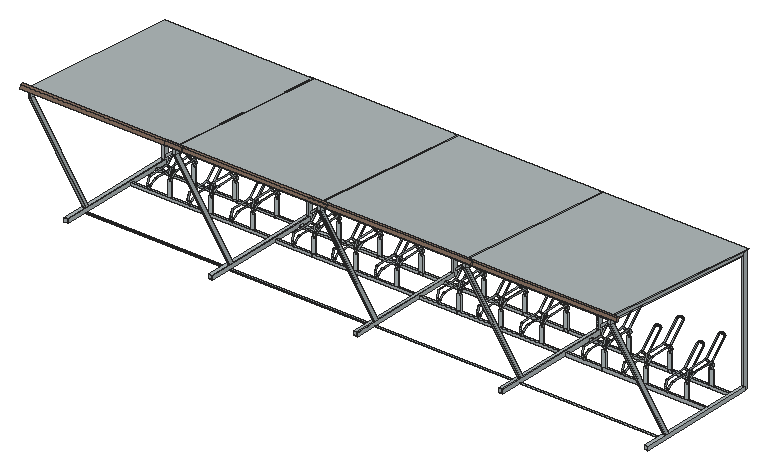
Revit family "Borås 24 Places", category Furniture, Revit 2020
Family settings
  OmniClass Number = 23.21.23.13.15
  Work Plane-Based = No
  Always vertical = Yes
  Cut with Voids When Loaded = No
  Shared = No
  Room Calculation Point = No
Parameters (values of type "8012491 Borås 24 Places / Galvanized")
  Uniclass 1.4 Description = "Furniture"
  Uniclass 1.4 Code = "L8211"
  URL = "https://www.hags.com/"
  QR code = ""
  Product url = "https://www.hags.com/en-us/park-urban/bicycle-storage/boraas-cycle-shelter/not-applicable-cast-in-place-24-places-aug-2010-galvanised"
  Product name = "Borås 24 Places / Galvanized"
  Product data url = ""
  Product SKU = ""
  Product Guid = "90e49432-c870-4a59-897e-b15016e8f9bd"
  OmniClass Description = ""
  OmniClass Code = "23-21 23 13 15"
  Model = "8012491"
  Manufacturer name = "HAGS"
  Manufacturer = "Hags"
  IFC Classification = "Furniture"
  Edition number = 1
  Description = "Borås 24 Places Galvanized "  # constant formula
  Default Elevation = 0 mm
  Construction material = Hags - Steel - Galvanized
  Body material_90 = Hags - Steel - Galvanized
  Body material = Hags - Steel - Galvanized
  BIMobject category = "bicycle-storage"
Reference planes
  plane 1 "Center (Front/Back)": y = 0
  plane 2: z = 0
  plane 3 "Center (Left/Right)": x = 0
Forms (mm)
  Extrusion 1, solid, material "Hags - Steel - Galvanized" <- "Construction material"
    sketch origin (-984.74, 2579.408, 0) x (0, 1, 0) y (0, 0, 1)
      loop
        line (-184.965, 0) -> (-184.965, 1710) -> (-234.965, 1710) -> (-234.965, 0) -> (-184.965, 0)
    from 0 to 32
  Extrusion 2, solid, material "Hags - Steel - Galvanized" <- "Construction material"
    sketch origin (-984.74, 2579.408, 0) x (0, 1, 0) y (0, 0, 1)
      loop
        line (-234.965, 1660) -> (-234.965, 1710) -> (-2462.806, 1904.911) -> (-2462.806, 1854.911) -> (-234.965, 1660)
    from 0 to 32
  Extrusion 3, solid, material "Hags - Steel - Galvanized" <- "Construction material"
    sketch origin (-985.052, 2579.408, 0) x (0, 1, 0) y (0, 0, 1)
      loop
        line (-2462.806, 1904.911) -> (-2512.806, 1904.911) -> (-2512.806, 1804.027) -> (-2462.806, 1804.027) -> (-2462.806, 1904.911)
    from 0 to 35
  Extrusion 4, solid, material "Hags - Steel - Galvanized" <- "Construction material"
    sketch origin (-985.052, 2579.408, 0) x (0, 1, 0) y (0, 0, 1)
      loop
        line (-2462.806, 1804.027) -> (-2512.806, 1804.027) -> (-1580.173, 50) -> (-1530.173, 50) -> (-1534.159, 57.495) -> (-2462.806, 1804.027)
    from 0 to 32
  Extrusion 5, solid, material "Hags - Steel - Galvanized" <- "Construction material"
    sketch origin (-1000.677, 2579.408, 0) x (0, 1, 0) y (0, 0, 1)
      loop
        line (-234.965, 50) -> (-1884.965, 50) -> (-1884.965, 0) -> (-234.965, 0) -> (-234.965, 50)
    from 0 to 43.755
  Extrusion 6, solid, material "Hags - Steel - Galvanized" <- "Construction material"
    sketch origin (-1000.677, 2384.408, 0) x (1, 0, 0) y (0, 0, 1)
      loop
        line (1995.745, 1698.705) -> (48.562, 1698.705) -> (48.562, 1664.079) -> (1995.745, 1664.079) -> (1995.745, 1698.705)
    from 0 to 32
  Extrusion 7, solid, material "Hags - Steel - Galvanized" <- "Construction material"
    sketch origin (-998.495, 109.408, 195.46) x (1, 0, 0) y (0, 0, 1)
      loop
        line (1995.745, 1698.705) -> (48.562, 1698.705) -> (48.562, 1664.079) -> (1995.745, 1664.079) -> (1995.745, 1698.705)
    from 0 to 38
  Extrusion 8, solid, material "Hags - Steel - Galvanized" <- "Construction material"
    sketch origin (-1000.677, 2384.408, 0) x (1, 0, 0) y (0, 0, 1)
      loop
        line (48.25, 73.319) -> (1994.904, 1618.13) -> (1994.904, 1650.001) -> (48.25, 103.265) -> (48.25, 73.319)
    from 0 to 32
  Extrusion 9, solid, material "Hags - Steel - Galvanized" <- "Construction material"
    sketch origin (-1000.677, 2579.408, 0) x (1, 0, 0) y (0, 1, 0)
      loop
        line (567.382, -415.587) -> (568.066, -416.141) -> (595.442, -389.704) -> (622.846, -415.88) -> (623.948, -415.585) -> (595.666, -387.302) -> (567.382, -415.587)
    from 0 to 245
  Extrusion 10, solid, material "Hags - Steel - Galvanized" <- "Construction material"
    sketch origin (-437.865, 2579.408, 0) x (1, 0, 0) y (0, 1, 0)
      loop
        line (567.382, -415.587) -> (568.066, -416.141) -> (595.442, -389.704) -> (622.846, -415.88) -> (623.948, -415.585) -> (595.666, -387.302) -> (567.382, -415.587)
    from 0 to 245
  Extrusion 11, solid, material "Hags - Steel - Galvanized" <- "Construction material"
    sketch origin (127.952, 2579.408, 0) x (1, 0, 0) y (0, 1, 0)
      loop
        line (567.382, -415.587) -> (568.066, -416.141) -> (595.442, -389.704) -> (622.846, -415.88) -> (623.948, -415.585) -> (595.666, -387.302) -> (567.382, -415.587)
    from 0 to 245
  Extrusion 12, solid, material "Hags - Steel - Galvanized" <- "Construction material"
    sketch origin (-1000.677, 2578.158, 0) x (1, 0, 0) y (0, 1, 0)
      loop
        line (48.562, -384.793) -> (48.562, -416.074) -> (1993.755, -416.074) -> (1993.755, -384.793) -> (48.562, -384.793)
    from 0 to 30
  Extrusion 13, solid, material "Hags - Steel - Galvanized" <- "Construction material"
    sketch origin (-1000.677, 2579.408, 0) x (1, 0, 0) y (0, 1, 0)
      loop
        line (46.821, -836.074) -> (1993.755, -836.074) -> (1993.755, -806.074) -> (46.821, -806.074) -> (46.821, -836.074)
    from 0 to 40
  Extrusion 14, solid, material "Hags - Steel - Galvanized" <- "Construction material"
    sketch origin (-1005.87, 1805.033, 2.5) x (1, 0, 0) y (0, 1, 0)
      loop
        line (48.948, -836.074) -> (1998.948, -836.074) -> (1998.948, -806.074) -> (48.948, -806.074) -> (48.948, -836.074)
    from 0 to 6
  Extrusion 15, solid, material "Hags - Steel - Galvanized" <- "Construction material"
    sketch origin (992.76, 2579.408, 0) x (0, 1, 0) y (0, 0, 1)
      loop
        line (-184.965, 0) -> (-184.965, 1710) -> (-234.965, 1710) -> (-234.965, 0) -> (-184.965, 0)
    from 0 to 32
  Extrusion 16, solid, material "Hags - Steel - Galvanized" <- "Construction material"
    sketch origin (992.76, 2579.408, 0) x (0, 1, 0) y (0, 0, 1)
      loop
        line (-234.965, 1660) -> (-234.965, 1710) -> (-2462.806, 1904.911) -> (-2462.806, 1854.911) -> (-234.965, 1660)
    from 0 to 32
  Extrusion 17, solid, material "Hags - Steel - Galvanized" <- "Construction material"
    sketch origin (992.448, 2579.408, 0) x (0, 1, 0) y (0, 0, 1)
      loop
        line (-2462.806, 1904.911) -> (-2512.806, 1904.911) -> (-2512.806, 1804.027) -> (-2462.806, 1804.027) -> (-2462.806, 1904.911)
    from 0 to 35
  Extrusion 18, solid, material "Hags - Steel - Galvanized" <- "Construction material"
    sketch origin (993.073, 2579.408, 0) x (0, 1, 0) y (0, 0, 1)
      loop
        line (-2462.806, 1804.027) -> (-2512.806, 1804.027) -> (-1580.173, 50) -> (-1530.173, 50) -> (-1534.159, 57.495) -> (-2462.806, 1804.027)
    from 0 to 32
  Extrusion 19, solid, material "Hags - Steel - Galvanized" <- "Construction material"
    sketch origin (994.13, 2579.408, 0) x (0, 1, 0) y (0, 0, 1)
      loop
        line (-234.965, 50) -> (-1884.965, 50) -> (-1884.965, 0) -> (-234.965, 0) -> (-234.965, 50)
    from 0 to 43.755
  Sweep 20, solid, material "Hags - Steel - Galvanized" <- "Body material"
    path origin (-364.372, 2583.549, -230.474) x (0, 1, 0) y (-0.309017, 0, 0.951057)
      loop
        line (-820.886, 0) -> (-820.886, 55.905) -> (-820.886, 59.124) -> (-819.965, 62.137) -> (-770.078, 125.99) -> (-766.002, 127.89) -> (-465.186, 127.89) -> (-461.094, 126.401) -> (-410.881, 58.199) -> (-410.115, 55.342) -> (-410.115, 0)
    profile origin (-373.01, 1762.663, -203.89) x (0, -1, 0) y (0.951057, 0, 0.309017)
      loop
        circle (0, 840.487) r 6.5
  Sweep 21, solid, material "Hags - Steel - Galvanized" <- "Body material"
    path origin (1244.524, 2583.549, -216.428) x (0, 1, 0) y (-0.292373, 0, -0.956304)
      loop
        line (-820.886, 0) -> (-820.886, -55.905) -> (-820.886, -59.124) -> (-819.965, -62.137) -> (-770.078, -125.99) -> (-766.002, -127.89) -> (-465.186, -127.89) -> (-461.094, -126.401) -> (-410.881, -58.199) -> (-410.115, -55.342) -> (-410.115, 0)
    profile origin (1252.697, 1762.663, -189.697) x (0, 1, 0) y (-0.956304, 0, 0.292373)
      loop
        circle (0, 840.487) r 6.5
  Sweep 22, solid, material "Hags - Steel - Galvanized" <- "Body material"
    path origin (-444.55, 2090.782, 123.616) x (1, 0, 0) y (0, 0.707107, 0.707107)
      loop
        line (839.702, 42.921) -> (839.702, 340.837) -> (840.265, 347.267) -> (843.228, 353.621) -> (847.934, 360.598) -> (855.705, 366.891) -> (865.691, 370.724) -> (877.383, 372.786) -> (881.238, 372.786) -> (892.864, 371.768) -> (903.629, 368.682) -> (914.205, 361.548) -> (920.498, 353.776) -> (923.074, 342.622) -> (923.074, 42.921)
    profile origin (395.152, 2226.462, 259.295) x (-1, 0, 0) y (0, -0.707107, 0.707107)
      loop
        circle (0, 0) r 6.547
  Sweep 23, solid, material "Hags - Steel - Galvanized" <- "Body material"
    path origin (-949.372, 2583.549, -230.474) x (0, 1, 0) y (-0.309017, 0, 0.951057)
      loop
        line (-820.886, 0) -> (-820.886, 55.905) -> (-820.886, 59.124) -> (-819.965, 62.137) -> (-770.078, 125.99) -> (-766.002, 127.89) -> (-465.186, 127.89) -> (-461.094, 126.401) -> (-410.881, 58.199) -> (-410.115, 55.342) -> (-410.115, 0)
    profile origin (-958.01, 1762.663, -203.89) x (0, -1, 0) y (0.951057, 0, 0.309017)
      loop
        circle (0, 840.487) r 6.5
  Sweep 24, solid, material "Hags - Steel - Galvanized" <- "Body material"
    path origin (659.524, 2583.549, -216.428) x (0, 1, 0) y (-0.292373, 0, -0.956304)
      loop
        line (-820.886, 0) -> (-820.886, -55.905) -> (-820.886, -59.124) -> (-819.965, -62.137) -> (-770.078, -125.99) -> (-766.002, -127.89) -> (-465.186, -127.89) -> (-461.094, -126.401) -> (-410.881, -58.199) -> (-410.115, -55.342) -> (-410.115, 0)
    profile origin (667.697, 1762.663, -189.697) x (0, 1, 0) y (-0.956304, 0, 0.292373)
      loop
        circle (0, 840.487) r 6.5
  Sweep 25, solid, material "Hags - Steel - Galvanized" <- "Body material"
    path origin (-1029.55, 2090.782, 123.616) x (1, 0, 0) y (0, 0.707107, 0.707107)
      loop
        line (839.702, 42.921) -> (839.702, 340.837) -> (840.265, 347.267) -> (843.228, 353.621) -> (847.934, 360.598) -> (855.705, 366.891) -> (865.691, 370.724) -> (877.383, 372.786) -> (881.238, 372.786) -> (892.864, 371.768) -> (903.629, 368.682) -> (914.205, 361.548) -> (920.498, 353.776) -> (923.074, 342.622) -> (923.074, 42.921)
    profile origin (-189.848, 2226.462, 259.295) x (-1, 0, 0) y (0, -0.707107, 0.707107)
      loop
        circle (0, 0) r 6.547
  Sweep 26, solid, material "Hags - Steel - Galvanized" <- "Body material"
    path origin (-1499.372, 2583.549, -230.474) x (0, 1, 0) y (-0.309017, 0, 0.951057)
      loop
        line (-820.886, 0) -> (-820.886, 55.905) -> (-820.886, 59.124) -> (-819.965, 62.137) -> (-770.078, 125.99) -> (-766.002, 127.89) -> (-465.186, 127.89) -> (-461.094, 126.401) -> (-410.881, 58.199) -> (-410.115, 55.342) -> (-410.115, 0)
    profile origin (-1508.01, 1762.663, -203.89) x (0, -1, 0) y (0.951057, 0, 0.309017)
      loop
        circle (0, 840.487) r 6.5
  Sweep 27, solid, material "Hags - Steel - Galvanized" <- "Body material"
    path origin (109.524, 2583.549, -216.428) x (0, 1, 0) y (-0.292373, 0, -0.956304)
      loop
        line (-820.886, 0) -> (-820.886, -55.905) -> (-820.886, -59.124) -> (-819.965, -62.137) -> (-770.078, -125.99) -> (-766.002, -127.89) -> (-465.186, -127.89) -> (-461.094, -126.401) -> (-410.881, -58.199) -> (-410.115, -55.342) -> (-410.115, 0)
    profile origin (117.697, 1762.663, -189.697) x (0, 1, 0) y (-0.956304, 0, 0.292373)
      loop
        circle (0, 840.487) r 6.5
  Sweep 28, solid, material "Hags - Steel - Galvanized" <- "Body material"
    path origin (-1579.55, 2090.782, 123.616) x (1, 0, 0) y (0, 0.707107, 0.707107)
      loop
        line (839.702, 42.921) -> (839.702, 340.837) -> (840.265, 347.267) -> (843.228, 353.621) -> (847.934, 360.598) -> (855.705, 366.891) -> (865.691, 370.724) -> (877.383, 372.786) -> (881.238, 372.786) -> (892.864, 371.768) -> (903.629, 368.682) -> (914.205, 361.548) -> (920.498, 353.776) -> (923.074, 342.622) -> (923.074, 42.921)
    profile origin (-739.848, 2226.462, 259.295) x (-1, 0, 0) y (0, -0.707107, 0.707107)
      loop
        circle (0, 0) r 6.547
  Sweep 29, solid, material "Hags - Steel - Galvanized" <- "Body material"
    path origin (-76.723, 2583.549, -20.216) x (0, 1, 0) y (-0.309017, 0, 0.951057)
      loop
        line (-820.886, 0) -> (-820.886, 55.905) -> (-820.886, 59.124) -> (-819.965, 62.137) -> (-770.078, 125.99) -> (-766.002, 127.89) -> (-465.186, 127.89) -> (-461.094, 126.401) -> (-410.881, 58.199) -> (-410.115, 55.342) -> (-410.115, 0)
    profile origin (-85.361, 1762.663, 6.368) x (0, -1, 0) y (0.951057, 0, 0.309017)
      loop
        circle (0, 840.487) r 6.5
  Sweep 30, solid, material "Hags - Steel - Galvanized" <- "Body material"
    path origin (1532.174, 2583.549, -6.17) x (0, 1, 0) y (-0.292373, 0, -0.956304)
      loop
        line (-820.886, 0) -> (-820.886, -55.905) -> (-820.886, -59.124) -> (-819.965, -62.137) -> (-770.078, -125.99) -> (-766.002, -127.89) -> (-465.186, -127.89) -> (-461.094, -126.401) -> (-410.881, -58.199) -> (-410.115, -55.342) -> (-410.115, 0)
    profile origin (1540.346, 1762.663, 20.561) x (0, 1, 0) y (-0.956304, 0, 0.292373)
      loop
        circle (0, 840.487) r 6.5
  Sweep 31, solid, material "Hags - Steel - Galvanized" <- "Body material"
    path origin (-156.901, 2090.782, 333.874) x (1, 0, 0) y (0, 0.707107, 0.707107)
      loop
        line (839.702, 42.921) -> (839.702, 340.837) -> (840.265, 347.267) -> (843.228, 353.621) -> (847.934, 360.598) -> (855.705, 366.891) -> (865.691, 370.724) -> (877.383, 372.786) -> (881.238, 372.786) -> (892.864, 371.768) -> (903.629, 368.682) -> (914.205, 361.548) -> (920.498, 353.776) -> (923.074, 342.622) -> (923.074, 42.921)
    profile origin (682.801, 2226.462, 469.553) x (-1, 0, 0) y (0, -0.707107, 0.707107)
      loop
        circle (0, 0) r 6.547
  Extrusion 32, solid, material "Hags - Steel - Galvanized" <- "Construction material"
    sketch origin (127.952, 2165.658, 0) x (1, 0, 0) y (0, 1, 0)
      loop
        line (567.382, -415.587) -> (568.066, -416.141) -> (595.442, -389.704) -> (622.846, -415.88) -> (623.948, -415.585) -> (595.666, -387.302) -> (567.382, -415.587)
    from 0 to 245
  Sweep 33, solid, material "Hags - Steel - Galvanized" <- "Body material"
    path origin (-641.723, 2583.549, -20.216) x (0, 1, 0) y (-0.309017, 0, 0.951057)
      loop
        line (-820.886, 0) -> (-820.886, 55.905) -> (-820.886, 59.124) -> (-819.965, 62.137) -> (-770.078, 125.99) -> (-766.002, 127.89) -> (-465.186, 127.89) -> (-461.094, 126.401) -> (-410.881, 58.199) -> (-410.115, 55.342) -> (-410.115, 0)
    profile origin (-650.361, 1762.663, 6.368) x (0, -1, 0) y (0.951057, 0, 0.309017)
      loop
        circle (0, 840.487) r 6.5
  Sweep 34, solid, material "Hags - Steel - Galvanized" <- "Body material"
    path origin (967.174, 2583.549, -6.17) x (0, 1, 0) y (-0.292373, 0, -0.956304)
      loop
        line (-820.886, 0) -> (-820.886, -55.905) -> (-820.886, -59.124) -> (-819.965, -62.137) -> (-770.078, -125.99) -> (-766.002, -127.89) -> (-465.186, -127.89) -> (-461.094, -126.401) -> (-410.881, -58.199) -> (-410.115, -55.342) -> (-410.115, 0)
    profile origin (975.346, 1762.663, 20.561) x (0, 1, 0) y (-0.956304, 0, 0.292373)
      loop
        circle (0, 840.487) r 6.5
  Sweep 35, solid, material "Hags - Steel - Galvanized" <- "Body material"
    path origin (-721.901, 2090.782, 333.874) x (1, 0, 0) y (0, 0.707107, 0.707107)
      loop
        line (839.702, 42.921) -> (839.702, 340.837) -> (840.265, 347.267) -> (843.228, 353.621) -> (847.934, 360.598) -> (855.705, 366.891) -> (865.691, 370.724) -> (877.383, 372.786) -> (881.238, 372.786) -> (892.864, 371.768) -> (903.629, 368.682) -> (914.205, 361.548) -> (920.498, 353.776) -> (923.074, 342.622) -> (923.074, 42.921)
    profile origin (117.801, 2226.462, 469.553) x (-1, 0, 0) y (0, -0.707107, 0.707107)
      loop
        circle (0, 0) r 6.547
  Extrusion 36, solid, material "Hags - Steel - Galvanized" <- "Construction material"
    sketch origin (-437.048, 2165.658, 0) x (1, 0, 0) y (0, 1, 0)
      loop
        line (567.382, -415.587) -> (568.066, -416.141) -> (595.442, -389.704) -> (622.846, -415.88) -> (623.948, -415.585) -> (595.666, -387.302) -> (567.382, -415.587)
    from 0 to 245
  Sweep 37, solid, material "Hags - Steel - Galvanized" <- "Body material"
    path origin (-1205.473, 2583.549, -20.216) x (0, 1, 0) y (-0.309017, 0, 0.951057)
      loop
        line (-820.886, 0) -> (-820.886, 55.905) -> (-820.886, 59.124) -> (-819.965, 62.137) -> (-770.078, 125.99) -> (-766.002, 127.89) -> (-465.186, 127.89) -> (-461.094, 126.401) -> (-410.881, 58.199) -> (-410.115, 55.342) -> (-410.115, 0)
    profile origin (-1214.111, 1762.663, 6.368) x (0, -1, 0) y (0.951057, 0, 0.309017)
      loop
        circle (0, 840.487) r 6.5
  Sweep 38, solid, material "Hags - Steel - Galvanized" <- "Body material"
    path origin (403.424, 2583.549, -6.17) x (0, 1, 0) y (-0.292373, 0, -0.956304)
      loop
        line (-820.886, 0) -> (-820.886, -55.905) -> (-820.886, -59.124) -> (-819.965, -62.137) -> (-770.078, -125.99) -> (-766.002, -127.89) -> (-465.186, -127.89) -> (-461.094, -126.401) -> (-410.881, -58.199) -> (-410.115, -55.342) -> (-410.115, 0)
    profile origin (411.596, 1762.663, 20.561) x (0, 1, 0) y (-0.956304, 0, 0.292373)
      loop
        circle (0, 840.487) r 6.5
  Sweep 39, solid, material "Hags - Steel - Galvanized" <- "Body material"
    path origin (-1285.651, 2090.782, 333.874) x (1, 0, 0) y (0, 0.707107, 0.707107)
      loop
        line (839.702, 42.921) -> (839.702, 340.837) -> (840.265, 347.267) -> (843.228, 353.621) -> (847.934, 360.598) -> (855.705, 366.891) -> (865.691, 370.724) -> (877.383, 372.786) -> (881.238, 372.786) -> (892.864, 371.768) -> (903.629, 368.682) -> (914.205, 361.548) -> (920.498, 353.776) -> (923.074, 342.622) -> (923.074, 42.921)
    profile origin (-445.949, 2226.462, 469.553) x (-1, 0, 0) y (0, -0.707107, 0.707107)
      loop
        circle (0, 0) r 6.547
  Extrusion 40, solid, material "Hags - Steel - Galvanized" <- "Construction material"
    sketch origin (-1000.798, 2165.658, 0) x (1, 0, 0) y (0, 1, 0)
      loop
        line (567.382, -415.587) -> (568.066, -416.141) -> (595.442, -389.704) -> (622.846, -415.88) -> (623.948, -415.585) -> (595.666, -387.302) -> (567.382, -415.587)
    from 0 to 245
  Extrusion 41, solid, material "Hags - Wood - Bark brown"
    sketch origin (-1075.269, 2592.308, -25) x (0, 1, 0) y (0, 0, 1)
      loop
        line (-2549.63, 1911.391) -> (-2527.825, 1909.1) -> (-2525.404, 1932.128) -> (-2502.617, 1929.733) -> (-2500.3, 1951.774) -> (-2544.893, 1956.461) -> (-2549.63, 1911.391)
    from -1.351 to 2200
  Extrusion 42, solid, material "Hags - Steel - Galvanized" <- "Body material"
    sketch origin (3679.106, -1732.992, 2066.313) x (1, 0, 0) y (0, 0.996302, -0.085916)
      loop
        line (-4664.158, 1835.544) -> (-2639.158, 1835.544) -> (-2639.158, 4145.544) -> (-4664.158, 4145.544) -> (-4664.158, 1835.544)
    from 0 to 8
  Extrusion 43, solid, material "Hags - Steel - Galvanized" <- "Construction material"
    sketch origin (-2962.865, 2579.408, 0) x (0, 1, 0) y (0, 0, 1)
      loop
        line (-184.965, 0) -> (-184.965, 1710) -> (-234.965, 1710) -> (-234.965, 0) -> (-184.965, 0)
    from 0 to 32
  Extrusion 44, solid, material "Hags - Steel - Galvanized" <- "Construction material"
    sketch origin (-2962.865, 2579.408, 0) x (0, 1, 0) y (0, 0, 1)
      loop
        line (-234.965, 1660) -> (-234.965, 1710) -> (-2462.806, 1904.911) -> (-2462.806, 1854.911) -> (-234.965, 1660)
    from 0 to 32
  Extrusion 45, solid, material "Hags - Steel - Galvanized" <- "Construction material"
    sketch origin (-2963.177, 2579.408, 0) x (0, 1, 0) y (0, 0, 1)
      loop
        line (-2462.806, 1904.911) -> (-2512.806, 1904.911) -> (-2512.806, 1804.027) -> (-2462.806, 1804.027) -> (-2462.806, 1904.911)
    from 0 to 35
  Extrusion 46, solid, material "Hags - Steel - Galvanized" <- "Construction material"
    sketch origin (-2963.177, 2579.408, 0) x (0, 1, 0) y (0, 0, 1)
      loop
        line (-2462.806, 1804.027) -> (-2512.806, 1804.027) -> (-1580.173, 50) -> (-1530.173, 50) -> (-1534.159, 57.495) -> (-2462.806, 1804.027)
    from 0 to 32
  Extrusion 47, solid, material "Hags - Steel - Galvanized" <- "Construction material"
    sketch origin (-2978.802, 2579.408, 0) x (0, 1, 0) y (0, 0, 1)
      loop
        line (-234.965, 50) -> (-1884.965, 50) -> (-1884.965, 0) -> (-234.965, 0) -> (-234.965, 50)
    from 0 to 43.755
  Extrusion 48, solid, material "Hags - Steel - Galvanized" <- "Construction material"
    sketch origin (-2978.802, 2384.408, 0) x (1, 0, 0) y (0, 0, 1)
      loop
        line (1995.745, 1698.705) -> (48.562, 1698.705) -> (48.562, 1664.079) -> (1995.745, 1664.079) -> (1995.745, 1698.705)
    from 0 to 32
  Extrusion 49, solid, material "Hags - Steel - Galvanized" <- "Construction material"
    sketch origin (-2976.62, 109.408, 195.46) x (1, 0, 0) y (0, 0, 1)
      loop
        line (1995.745, 1698.705) -> (48.562, 1698.705) -> (48.562, 1664.079) -> (1995.745, 1664.079) -> (1995.745, 1698.705)
    from 0 to 38
  Extrusion 50, solid, material "Hags - Steel - Galvanized" <- "Construction material"
    sketch origin (-2978.802, 2384.408, 0) x (1, 0, 0) y (0, 0, 1)
      loop
        line (48.25, 73.319) -> (1994.904, 1618.13) -> (1994.904, 1650.001) -> (48.25, 103.265) -> (48.25, 73.319)
    from 0 to 32
  Extrusion 51, solid, material "Hags - Steel - Galvanized" <- "Construction material"
    sketch origin (-2978.802, 2579.408, 0) x (1, 0, 0) y (0, 1, 0)
      loop
        line (567.382, -415.587) -> (568.066, -416.141) -> (595.442, -389.704) -> (622.846, -415.88) -> (623.948, -415.585) -> (595.666, -387.302) -> (567.382, -415.587)
    from 0 to 245
  Extrusion 52, solid, material "Hags - Steel - Galvanized" <- "Construction material"
    sketch origin (-2415.99, 2579.408, 0) x (1, 0, 0) y (0, 1, 0)
      loop
        line (567.382, -415.587) -> (568.066, -416.141) -> (595.442, -389.704) -> (622.846, -415.88) -> (623.948, -415.585) -> (595.666, -387.302) -> (567.382, -415.587)
    from 0 to 245
  Extrusion 53, solid, material "Hags - Steel - Galvanized" <- "Construction material"
    sketch origin (-1850.173, 2579.408, 0) x (1, 0, 0) y (0, 1, 0)
      loop
        line (567.382, -415.587) -> (568.066, -416.141) -> (595.442, -389.704) -> (622.846, -415.88) -> (623.948, -415.585) -> (595.666, -387.302) -> (567.382, -415.587)
    from 0 to 245
  Extrusion 54, solid, material "Hags - Steel - Galvanized" <- "Construction material"
    sketch origin (-2978.802, 2578.158, 0) x (1, 0, 0) y (0, 1, 0)
      loop
        line (48.562, -384.793) -> (48.562, -416.074) -> (1993.755, -416.074) -> (1993.755, -384.793) -> (48.562, -384.793)
    from 0 to 30
  Extrusion 55, solid, material "Hags - Steel - Galvanized" <- "Construction material"
    sketch origin (-2978.802, 2579.408, 0) x (1, 0, 0) y (0, 1, 0)
      loop
        line (46.821, -836.074) -> (1993.755, -836.074) -> (1993.755, -806.074) -> (46.821, -806.074) -> (46.821, -836.074)
    from 0 to 40
  Extrusion 56, solid, material "Hags - Steel - Galvanized" <- "Construction material"
    sketch origin (-2983.995, 1805.033, 2.5) x (1, 0, 0) y (0, 1, 0)
      loop
        line (48.948, -836.074) -> (1998.948, -836.074) -> (1998.948, -806.074) -> (48.948, -806.074) -> (48.948, -836.074)
    from 0 to 6
  Extrusion 57, solid, material "Hags - Steel - Galvanized" <- "Construction material"
    sketch origin (-985.365, 2579.408, 0) x (0, 1, 0) y (0, 0, 1)
      loop
        line (-184.965, 0) -> (-184.965, 1710) -> (-234.965, 1710) -> (-234.965, 0) -> (-184.965, 0)
    from 0 to 32
  Extrusion 58, solid, material "Hags - Steel - Galvanized" <- "Construction material"
    sketch origin (-985.365, 2579.408, 0) x (0, 1, 0) y (0, 0, 1)
      loop
        line (-234.965, 1660) -> (-234.965, 1710) -> (-2462.806, 1904.911) -> (-2462.806, 1854.911) -> (-234.965, 1660)
    from 0 to 32
  Extrusion 59, solid, material "Hags - Steel - Galvanized" <- "Construction material"
    sketch origin (-985.677, 2579.408, 0) x (0, 1, 0) y (0, 0, 1)
      loop
        line (-2462.806, 1904.911) -> (-2512.806, 1904.911) -> (-2512.806, 1804.027) -> (-2462.806, 1804.027) -> (-2462.806, 1904.911)
    from 0 to 35
  Extrusion 60, solid, material "Hags - Steel - Galvanized" <- "Construction material"
    sketch origin (-985.052, 2579.408, 0) x (0, 1, 0) y (0, 0, 1)
      loop
        line (-2462.806, 1804.027) -> (-2512.806, 1804.027) -> (-1580.173, 50) -> (-1530.173, 50) -> (-1534.159, 57.495) -> (-2462.806, 1804.027)
    from 0 to 32
  Extrusion 61, solid, material "Hags - Steel - Galvanized" <- "Construction material"
    sketch origin (-983.995, 2579.408, 0) x (0, 1, 0) y (0, 0, 1)
      loop
        line (-234.965, 50) -> (-1884.965, 50) -> (-1884.965, 0) -> (-234.965, 0) -> (-234.965, 50)
    from 0 to 43.755
  Sweep 62, solid, material "Hags - Steel - Galvanized" <- "Body material"
    path origin (-2342.497, 2583.549, -230.474) x (0, 1, 0) y (-0.309017, 0, 0.951057)
      loop
        line (-820.886, 0) -> (-820.886, 55.905) -> (-820.886, 59.124) -> (-819.965, 62.137) -> (-770.078, 125.99) -> (-766.002, 127.89) -> (-465.186, 127.89) -> (-461.094, 126.401) -> (-410.881, 58.199) -> (-410.115, 55.342) -> (-410.115, 0)
    profile origin (-2351.135, 1762.663, -203.89) x (0, -1, 0) y (0.951057, 0, 0.309017)
      loop
        circle (0, 840.487) r 6.5
  Sweep 63, solid, material "Hags - Steel - Galvanized" <- "Body material"
    path origin (-733.601, 2583.549, -216.428) x (0, 1, 0) y (-0.292373, 0, -0.956304)
      loop
        line (-820.886, 0) -> (-820.886, -55.905) -> (-820.886, -59.124) -> (-819.965, -62.137) -> (-770.078, -125.99) -> (-766.002, -127.89) -> (-465.186, -127.89) -> (-461.094, -126.401) -> (-410.881, -58.199) -> (-410.115, -55.342) -> (-410.115, 0)
    profile origin (-725.428, 1762.663, -189.697) x (0, 1, 0) y (-0.956304, 0, 0.292373)
      loop
        circle (0, 840.487) r 6.5
  Sweep 64, solid, material "Hags - Steel - Galvanized" <- "Body material"
    path origin (-2422.675, 2090.782, 123.616) x (1, 0, 0) y (0, 0.707107, 0.707107)
      loop
        line (839.702, 42.921) -> (839.702, 340.837) -> (840.265, 347.267) -> (843.228, 353.621) -> (847.934, 360.598) -> (855.705, 366.891) -> (865.691, 370.724) -> (877.383, 372.786) -> (881.238, 372.786) -> (892.864, 371.768) -> (903.629, 368.682) -> (914.205, 361.548) -> (920.498, 353.776) -> (923.074, 342.622) -> (923.074, 42.921)
    profile origin (-1582.973, 2226.462, 259.295) x (-1, 0, 0) y (0, -0.707107, 0.707107)
      loop
        circle (0, 0) r 6.547
  Sweep 65, solid, material "Hags - Steel - Galvanized" <- "Body material"
    path origin (-2927.497, 2583.549, -230.474) x (0, 1, 0) y (-0.309017, 0, 0.951057)
      loop
        line (-820.886, 0) -> (-820.886, 55.905) -> (-820.886, 59.124) -> (-819.965, 62.137) -> (-770.078, 125.99) -> (-766.002, 127.89) -> (-465.186, 127.89) -> (-461.094, 126.401) -> (-410.881, 58.199) -> (-410.115, 55.342) -> (-410.115, 0)
    profile origin (-2936.135, 1762.663, -203.89) x (0, -1, 0) y (0.951057, 0, 0.309017)
      loop
        circle (0, 840.487) r 6.5
  Sweep 66, solid, material "Hags - Steel - Galvanized" <- "Body material"
    path origin (-1318.601, 2583.549, -216.428) x (0, 1, 0) y (-0.292373, 0, -0.956304)
      loop
        line (-820.886, 0) -> (-820.886, -55.905) -> (-820.886, -59.124) -> (-819.965, -62.137) -> (-770.078, -125.99) -> (-766.002, -127.89) -> (-465.186, -127.89) -> (-461.094, -126.401) -> (-410.881, -58.199) -> (-410.115, -55.342) -> (-410.115, 0)
    profile origin (-1310.428, 1762.663, -189.697) x (0, 1, 0) y (-0.956304, 0, 0.292373)
      loop
        circle (0, 840.487) r 6.5
  Sweep 67, solid, material "Hags - Steel - Galvanized" <- "Body material"
    path origin (-3007.675, 2090.782, 123.616) x (1, 0, 0) y (0, 0.707107, 0.707107)
      loop
        line (839.702, 42.921) -> (839.702, 340.837) -> (840.265, 347.267) -> (843.228, 353.621) -> (847.934, 360.598) -> (855.705, 366.891) -> (865.691, 370.724) -> (877.383, 372.786) -> (881.238, 372.786) -> (892.864, 371.768) -> (903.629, 368.682) -> (914.205, 361.548) -> (920.498, 353.776) -> (923.074, 342.622) -> (923.074, 42.921)
    profile origin (-2167.973, 2226.462, 259.295) x (-1, 0, 0) y (0, -0.707107, 0.707107)
      loop
        circle (0, 0) r 6.547
  Sweep 68, solid, material "Hags - Steel - Galvanized" <- "Body material"
    path origin (-3477.497, 2583.549, -230.474) x (0, 1, 0) y (-0.309017, 0, 0.951057)
      loop
        line (-820.886, 0) -> (-820.886, 55.905) -> (-820.886, 59.124) -> (-819.965, 62.137) -> (-770.078, 125.99) -> (-766.002, 127.89) -> (-465.186, 127.89) -> (-461.094, 126.401) -> (-410.881, 58.199) -> (-410.115, 55.342) -> (-410.115, 0)
    profile origin (-3486.135, 1762.663, -203.89) x (0, -1, 0) y (0.951057, 0, 0.309017)
      loop
        circle (0, 840.487) r 6.5
  Sweep 69, solid, material "Hags - Steel - Galvanized" <- "Body material"
    path origin (-1868.601, 2583.549, -216.428) x (0, 1, 0) y (-0.292373, 0, -0.956304)
      loop
        line (-820.886, 0) -> (-820.886, -55.905) -> (-820.886, -59.124) -> (-819.965, -62.137) -> (-770.078, -125.99) -> (-766.002, -127.89) -> (-465.186, -127.89) -> (-461.094, -126.401) -> (-410.881, -58.199) -> (-410.115, -55.342) -> (-410.115, 0)
    profile origin (-1860.428, 1762.663, -189.697) x (0, 1, 0) y (-0.956304, 0, 0.292373)
      loop
        circle (0, 840.487) r 6.5
  Sweep 70, solid, material "Hags - Steel - Galvanized" <- "Body material"
    path origin (-3557.675, 2090.782, 123.616) x (1, 0, 0) y (0, 0.707107, 0.707107)
      loop
        line (839.702, 42.921) -> (839.702, 340.837) -> (840.265, 347.267) -> (843.228, 353.621) -> (847.934, 360.598) -> (855.705, 366.891) -> (865.691, 370.724) -> (877.383, 372.786) -> (881.238, 372.786) -> (892.864, 371.768) -> (903.629, 368.682) -> (914.205, 361.548) -> (920.498, 353.776) -> (923.074, 342.622) -> (923.074, 42.921)
    profile origin (-2717.973, 2226.462, 259.295) x (-1, 0, 0) y (0, -0.707107, 0.707107)
      loop
        circle (0, 0) r 6.547
  Sweep 71, solid, material "Hags - Steel - Galvanized" <- "Body material"
    path origin (-2054.848, 2583.549, -20.216) x (0, 1, 0) y (-0.309017, 0, 0.951057)
      loop
        line (-820.886, 0) -> (-820.886, 55.905) -> (-820.886, 59.124) -> (-819.965, 62.137) -> (-770.078, 125.99) -> (-766.002, 127.89) -> (-465.186, 127.89) -> (-461.094, 126.401) -> (-410.881, 58.199) -> (-410.115, 55.342) -> (-410.115, 0)
    profile origin (-2063.486, 1762.663, 6.368) x (0, -1, 0) y (0.951057, 0, 0.309017)
      loop
        circle (0, 840.487) r 6.5
  Sweep 72, solid, material "Hags - Steel - Galvanized" <- "Body material"
    path origin (-445.951, 2583.549, -6.17) x (0, 1, 0) y (-0.292373, 0, -0.956304)
      loop
        line (-820.886, 0) -> (-820.886, -55.905) -> (-820.886, -59.124) -> (-819.965, -62.137) -> (-770.078, -125.99) -> (-766.002, -127.89) -> (-465.186, -127.89) -> (-461.094, -126.401) -> (-410.881, -58.199) -> (-410.115, -55.342) -> (-410.115, 0)
    profile origin (-437.779, 1762.663, 20.561) x (0, 1, 0) y (-0.956304, 0, 0.292373)
      loop
        circle (0, 840.487) r 6.5
  Sweep 73, solid, material "Hags - Steel - Galvanized" <- "Body material"
    path origin (-2135.026, 2090.782, 333.874) x (1, 0, 0) y (0, 0.707107, 0.707107)
      loop
        line (839.702, 42.921) -> (839.702, 340.837) -> (840.265, 347.267) -> (843.228, 353.621) -> (847.934, 360.598) -> (855.705, 366.891) -> (865.691, 370.724) -> (877.383, 372.786) -> (881.238, 372.786) -> (892.864, 371.768) -> (903.629, 368.682) -> (914.205, 361.548) -> (920.498, 353.776) -> (923.074, 342.622) -> (923.074, 42.921)
    profile origin (-1295.324, 2226.462, 469.553) x (-1, 0, 0) y (0, -0.707107, 0.707107)
      loop
        circle (0, 0) r 6.547
  Extrusion 74, solid, material "Hags - Steel - Galvanized" <- "Construction material"
    sketch origin (-1850.173, 2165.658, 0) x (1, 0, 0) y (0, 1, 0)
      loop
        line (567.382, -415.587) -> (568.066, -416.141) -> (595.442, -389.704) -> (622.846, -415.88) -> (623.948, -415.585) -> (595.666, -387.302) -> (567.382, -415.587)
    from 0 to 245
  Sweep 75, solid, material "Hags - Steel - Galvanized" <- "Body material"
    path origin (-2619.848, 2583.549, -20.216) x (0, 1, 0) y (-0.309017, 0, 0.951057)
      loop
        line (-820.886, 0) -> (-820.886, 55.905) -> (-820.886, 59.124) -> (-819.965, 62.137) -> (-770.078, 125.99) -> (-766.002, 127.89) -> (-465.186, 127.89) -> (-461.094, 126.401) -> (-410.881, 58.199) -> (-410.115, 55.342) -> (-410.115, 0)
    profile origin (-2628.486, 1762.663, 6.368) x (0, -1, 0) y (0.951057, 0, 0.309017)
      loop
        circle (0, 840.487) r 6.5
  Sweep 76, solid, material "Hags - Steel - Galvanized" <- "Body material"
    path origin (-1010.951, 2583.549, -6.17) x (0, 1, 0) y (-0.292373, 0, -0.956304)
      loop
        line (-820.886, 0) -> (-820.886, -55.905) -> (-820.886, -59.124) -> (-819.965, -62.137) -> (-770.078, -125.99) -> (-766.002, -127.89) -> (-465.186, -127.89) -> (-461.094, -126.401) -> (-410.881, -58.199) -> (-410.115, -55.342) -> (-410.115, 0)
    profile origin (-1002.779, 1762.663, 20.561) x (0, 1, 0) y (-0.956304, 0, 0.292373)
      loop
        circle (0, 840.487) r 6.5
  Sweep 77, solid, material "Hags - Steel - Galvanized" <- "Body material"
    path origin (-2700.026, 2090.782, 333.874) x (1, 0, 0) y (0, 0.707107, 0.707107)
      loop
        line (839.702, 42.921) -> (839.702, 340.837) -> (840.265, 347.267) -> (843.228, 353.621) -> (847.934, 360.598) -> (855.705, 366.891) -> (865.691, 370.724) -> (877.383, 372.786) -> (881.238, 372.786) -> (892.864, 371.768) -> (903.629, 368.682) -> (914.205, 361.548) -> (920.498, 353.776) -> (923.074, 342.622) -> (923.074, 42.921)
    profile origin (-1860.324, 2226.462, 469.553) x (-1, 0, 0) y (0, -0.707107, 0.707107)
      loop
        circle (0, 0) r 6.547
  Extrusion 78, solid, material "Hags - Steel - Galvanized" <- "Construction material"
    sketch origin (-2415.173, 2165.658, 0) x (1, 0, 0) y (0, 1, 0)
      loop
        line (567.382, -415.587) -> (568.066, -416.141) -> (595.442, -389.704) -> (622.846, -415.88) -> (623.948, -415.585) -> (595.666, -387.302) -> (567.382, -415.587)
    from 0 to 245
  Sweep 79, solid, material "Hags - Steel - Galvanized" <- "Body material"
    path origin (-3183.598, 2583.549, -20.216) x (0, 1, 0) y (-0.309017, 0, 0.951057)
      loop
        line (-820.886, 0) -> (-820.886, 55.905) -> (-820.886, 59.124) -> (-819.965, 62.137) -> (-770.078, 125.99) -> (-766.002, 127.89) -> (-465.186, 127.89) -> (-461.094, 126.401) -> (-410.881, 58.199) -> (-410.115, 55.342) -> (-410.115, 0)
    profile origin (-3192.236, 1762.663, 6.368) x (0, -1, 0) y (0.951057, 0, 0.309017)
      loop
        circle (0, 840.487) r 6.5
  Sweep 80, solid, material "Hags - Steel - Galvanized" <- "Body material"
    path origin (-1574.701, 2583.549, -6.17) x (0, 1, 0) y (-0.292373, 0, -0.956304)
      loop
        line (-820.886, 0) -> (-820.886, -55.905) -> (-820.886, -59.124) -> (-819.965, -62.137) -> (-770.078, -125.99) -> (-766.002, -127.89) -> (-465.186, -127.89) -> (-461.094, -126.401) -> (-410.881, -58.199) -> (-410.115, -55.342) -> (-410.115, 0)
    profile origin (-1566.529, 1762.663, 20.561) x (0, 1, 0) y (-0.956304, 0, 0.292373)
      loop
        circle (0, 840.487) r 6.5
  Sweep 81, solid, material "Hags - Steel - Galvanized" <- "Body material"
    path origin (-3263.776, 2090.782, 333.874) x (1, 0, 0) y (0, 0.707107, 0.707107)
      loop
        line (839.702, 42.921) -> (839.702, 340.837) -> (840.265, 347.267) -> (843.228, 353.621) -> (847.934, 360.598) -> (855.705, 366.891) -> (865.691, 370.724) -> (877.383, 372.786) -> (881.238, 372.786) -> (892.864, 371.768) -> (903.629, 368.682) -> (914.205, 361.548) -> (920.498, 353.776) -> (923.074, 342.622) -> (923.074, 42.921)
    profile origin (-2424.074, 2226.462, 469.553) x (-1, 0, 0) y (0, -0.707107, 0.707107)
      loop
        circle (0, 0) r 6.547
  Extrusion 82, solid, material "Hags - Steel - Galvanized" <- "Construction material"
    sketch origin (-2978.923, 2165.658, 0) x (1, 0, 0) y (0, 1, 0)
      loop
        line (567.382, -415.587) -> (568.066, -416.141) -> (595.442, -389.704) -> (622.846, -415.88) -> (623.948, -415.585) -> (595.666, -387.302) -> (567.382, -415.587)
    from 0 to 245
  Extrusion 83, solid, material "Hags - Wood - Bark brown"
    sketch origin (-3053.394, 2592.308, -25) x (0, 1, 0) y (0, 0, 1)
      loop
        line (-2549.63, 1911.391) -> (-2527.825, 1909.1) -> (-2525.404, 1932.128) -> (-2502.617, 1929.733) -> (-2500.3, 1951.774) -> (-2544.893, 1956.461) -> (-2549.63, 1911.391)
    from -1.351 to 2200
  Extrusion 84, solid, material "Hags - Steel - Galvanized" <- "Body material"
    sketch origin (1700.981, -1732.992, 2066.313) x (1, 0, 0) y (0, 0.996302, -0.085916)
      loop
        line (-4664.158, 1835.544) -> (-2639.158, 1835.544) -> (-2639.158, 4145.544) -> (-4664.158, 4145.544) -> (-4664.158, 1835.544)
    from 0 to 8
  Extrusion 85, solid, material "Hags - Steel - Galvanized" <- "Construction material"
    sketch origin (-4940.677, 2579.408, 0) x (0, 1, 0) y (0, 0, 1)
      loop
        line (-184.965, 0) -> (-184.965, 1710) -> (-234.965, 1710) -> (-234.965, 0) -> (-184.965, 0)
    from 0 to 32
  Extrusion 86, solid, material "Hags - Steel - Galvanized" <- "Construction material"
    sketch origin (-4940.677, 2579.408, 0) x (0, 1, 0) y (0, 0, 1)
      loop
        line (-234.965, 1660) -> (-234.965, 1710) -> (-2462.806, 1904.911) -> (-2462.806, 1854.911) -> (-234.965, 1660)
    from 0 to 32
  Extrusion 87, solid, material "Hags - Steel - Galvanized" <- "Construction material"
    sketch origin (-4940.99, 2579.408, 0) x (0, 1, 0) y (0, 0, 1)
      loop
        line (-2462.806, 1904.911) -> (-2512.806, 1904.911) -> (-2512.806, 1804.027) -> (-2462.806, 1804.027) -> (-2462.806, 1904.911)
    from 0 to 35
  Extrusion 88, solid, material "Hags - Steel - Galvanized" <- "Construction material"
    sketch origin (-4940.99, 2579.408, 0) x (0, 1, 0) y (0, 0, 1)
      loop
        line (-2462.806, 1804.027) -> (-2512.806, 1804.027) -> (-1580.173, 50) -> (-1530.173, 50) -> (-1534.159, 57.495) -> (-2462.806, 1804.027)
    from 0 to 32
  Extrusion 89, solid, material "Hags - Steel - Galvanized" <- "Construction material"
    sketch origin (-4956.615, 2579.408, 0) x (0, 1, 0) y (0, 0, 1)
      loop
        line (-234.965, 50) -> (-1884.965, 50) -> (-1884.965, 0) -> (-234.965, 0) -> (-234.965, 50)
    from 0 to 43.755
  Extrusion 90, solid, material "Hags - Steel - Galvanized" <- "Construction material"
    sketch origin (-4956.615, 2384.408, 0) x (1, 0, 0) y (0, 0, 1)
      loop
        line (1995.745, 1698.705) -> (48.562, 1698.705) -> (48.562, 1664.079) -> (1995.745, 1664.079) -> (1995.745, 1698.705)
    from 0 to 32
  Extrusion 91, solid, material "Hags - Steel - Galvanized" <- "Construction material"
    sketch origin (-4954.433, 109.408, 195.46) x (1, 0, 0) y (0, 0, 1)
      loop
        line (1995.745, 1698.705) -> (48.562, 1698.705) -> (48.562, 1664.079) -> (1995.745, 1664.079) -> (1995.745, 1698.705)
    from 0 to 38
  Extrusion 92, solid, material "Hags - Steel - Galvanized" <- "Construction material"
    sketch origin (-4956.615, 2384.408, 0) x (1, 0, 0) y (0, 0, 1)
      loop
        line (48.25, 73.319) -> (1994.904, 1618.13) -> (1994.904, 1650.001) -> (48.25, 103.265) -> (48.25, 73.319)
    from 0 to 32
  Extrusion 93, solid, material "Hags - Steel - Galvanized" <- "Construction material"
    sketch origin (-4956.615, 2579.408, 0) x (1, 0, 0) y (0, 1, 0)
      loop
        line (567.382, -415.587) -> (568.066, -416.141) -> (595.442, -389.704) -> (622.846, -415.88) -> (623.948, -415.585) -> (595.666, -387.302) -> (567.382, -415.587)
    from 0 to 245
  Extrusion 94, solid, material "Hags - Steel - Galvanized" <- "Construction material"
    sketch origin (-4393.802, 2579.408, 0) x (1, 0, 0) y (0, 1, 0)
      loop
        line (567.382, -415.587) -> (568.066, -416.141) -> (595.442, -389.704) -> (622.846, -415.88) -> (623.948, -415.585) -> (595.666, -387.302) -> (567.382, -415.587)
    from 0 to 245
  Extrusion 95, solid, material "Hags - Steel - Galvanized" <- "Construction material"
    sketch origin (-3827.986, 2579.408, 0) x (1, 0, 0) y (0, 1, 0)
      loop
        line (567.382, -415.587) -> (568.066, -416.141) -> (595.442, -389.704) -> (622.846, -415.88) -> (623.948, -415.585) -> (595.666, -387.302) -> (567.382, -415.587)
    from 0 to 245
  Extrusion 96, solid, material "Hags - Steel - Galvanized" <- "Construction material"
    sketch origin (-4956.615, 2578.158, 0) x (1, 0, 0) y (0, 1, 0)
      loop
        line (48.562, -384.793) -> (48.562, -416.074) -> (1993.755, -416.074) -> (1993.755, -384.793) -> (48.562, -384.793)
    from 0 to 30
  Extrusion 97, solid, material "Hags - Steel - Galvanized" <- "Construction material"
    sketch origin (-4956.615, 2579.408, 0) x (1, 0, 0) y (0, 1, 0)
      loop
        line (46.821, -836.074) -> (1993.755, -836.074) -> (1993.755, -806.074) -> (46.821, -806.074) -> (46.821, -836.074)
    from 0 to 40
  Extrusion 98, solid, material "Hags - Steel - Galvanized" <- "Construction material"
    sketch origin (-4961.808, 1805.033, 2.5) x (1, 0, 0) y (0, 1, 0)
      loop
        line (48.948, -836.074) -> (1998.948, -836.074) -> (1998.948, -806.074) -> (48.948, -806.074) -> (48.948, -836.074)
    from 0 to 6
  Extrusion 99, solid, material "Hags - Steel - Galvanized" <- "Construction material"
    sketch origin (-2963.177, 2579.408, 0) x (0, 1, 0) y (0, 0, 1)
      loop
        line (-184.965, 0) -> (-184.965, 1710) -> (-234.965, 1710) -> (-234.965, 0) -> (-184.965, 0)
    from 0 to 32
  Extrusion 100, solid, material "Hags - Steel - Galvanized" <- "Construction material"
    sketch origin (-2963.177, 2579.408, 0) x (0, 1, 0) y (0, 0, 1)
      loop
        line (-234.965, 1660) -> (-234.965, 1710) -> (-2462.806, 1904.911) -> (-2462.806, 1854.911) -> (-234.965, 1660)
    from 0 to 32
  Extrusion 101, solid, material "Hags - Steel - Galvanized" <- "Construction material"
    sketch origin (-2963.49, 2579.408, 0) x (0, 1, 0) y (0, 0, 1)
      loop
        line (-2462.806, 1904.911) -> (-2512.806, 1904.911) -> (-2512.806, 1804.027) -> (-2462.806, 1804.027) -> (-2462.806, 1904.911)
    from 0 to 35
  Extrusion 102, solid, material "Hags - Steel - Galvanized" <- "Construction material"
    sketch origin (-2962.865, 2579.408, 0) x (0, 1, 0) y (0, 0, 1)
      loop
        line (-2462.806, 1804.027) -> (-2512.806, 1804.027) -> (-1580.173, 50) -> (-1530.173, 50) -> (-1534.159, 57.495) -> (-2462.806, 1804.027)
    from 0 to 32
  Extrusion 103, solid, material "Hags - Steel - Galvanized" <- "Construction material"
    sketch origin (-2971.808, 2579.408, 0) x (0, 1, 0) y (0, 0, 1)
      loop
        line (-234.965, 50) -> (-1884.965, 50) -> (-1884.965, 0) -> (-234.965, 0) -> (-234.965, 50)
    from 0 to 43.755
  Sweep 104, solid, material "Hags - Steel - Galvanized" <- "Body material"
    path origin (-4320.31, 2583.549, -230.474) x (0, 1, 0) y (-0.309017, 0, 0.951057)
      loop
        line (-820.886, 0) -> (-820.886, 55.905) -> (-820.886, 59.124) -> (-819.965, 62.137) -> (-770.078, 125.99) -> (-766.002, 127.89) -> (-465.186, 127.89) -> (-461.094, 126.401) -> (-410.881, 58.199) -> (-410.115, 55.342) -> (-410.115, 0)
    profile origin (-4328.947, 1762.663, -203.89) x (0, -1, 0) y (0.951057, 0, 0.309017)
      loop
        circle (0, 840.487) r 6.5
  Sweep 105, solid, material "Hags - Steel - Galvanized" <- "Body material"
    path origin (-2711.413, 2583.549, -216.428) x (0, 1, 0) y (-0.292373, 0, -0.956304)
      loop
        line (-820.886, 0) -> (-820.886, -55.905) -> (-820.886, -59.124) -> (-819.965, -62.137) -> (-770.078, -125.99) -> (-766.002, -127.89) -> (-465.186, -127.89) -> (-461.094, -126.401) -> (-410.881, -58.199) -> (-410.115, -55.342) -> (-410.115, 0)
    profile origin (-2703.241, 1762.663, -189.697) x (0, 1, 0) y (-0.956304, 0, 0.292373)
      loop
        circle (0, 840.487) r 6.5
  Sweep 106, solid, material "Hags - Steel - Galvanized" <- "Body material"
    path origin (-4400.487, 2090.782, 123.616) x (1, 0, 0) y (0, 0.707107, 0.707107)
      loop
        line (839.702, 42.921) -> (839.702, 340.837) -> (840.265, 347.267) -> (843.228, 353.621) -> (847.934, 360.598) -> (855.705, 366.891) -> (865.691, 370.724) -> (877.383, 372.786) -> (881.238, 372.786) -> (892.864, 371.768) -> (903.629, 368.682) -> (914.205, 361.548) -> (920.498, 353.776) -> (923.074, 342.622) -> (923.074, 42.921)
    profile origin (-3560.785, 2226.462, 259.295) x (-1, 0, 0) y (0, -0.707107, 0.707107)
      loop
        circle (0, 0) r 6.547
  Sweep 107, solid, material "Hags - Steel - Galvanized" <- "Body material"
    path origin (-4905.31, 2583.549, -230.474) x (0, 1, 0) y (-0.309017, 0, 0.951057)
      loop
        line (-820.886, 0) -> (-820.886, 55.905) -> (-820.886, 59.124) -> (-819.965, 62.137) -> (-770.078, 125.99) -> (-766.002, 127.89) -> (-465.186, 127.89) -> (-461.094, 126.401) -> (-410.881, 58.199) -> (-410.115, 55.342) -> (-410.115, 0)
    profile origin (-4913.947, 1762.663, -203.89) x (0, -1, 0) y (0.951057, 0, 0.309017)
      loop
        circle (0, 840.487) r 6.5
  Sweep 108, solid, material "Hags - Steel - Galvanized" <- "Body material"
    path origin (-3296.413, 2583.549, -216.428) x (0, 1, 0) y (-0.292373, 0, -0.956304)
      loop
        line (-820.886, 0) -> (-820.886, -55.905) -> (-820.886, -59.124) -> (-819.965, -62.137) -> (-770.078, -125.99) -> (-766.002, -127.89) -> (-465.186, -127.89) -> (-461.094, -126.401) -> (-410.881, -58.199) -> (-410.115, -55.342) -> (-410.115, 0)
    profile origin (-3288.241, 1762.663, -189.697) x (0, 1, 0) y (-0.956304, 0, 0.292373)
      loop
        circle (0, 840.487) r 6.5
  Sweep 109, solid, material "Hags - Steel - Galvanized" <- "Body material"
    path origin (-4985.487, 2090.782, 123.616) x (1, 0, 0) y (0, 0.707107, 0.707107)
      loop
        line (839.702, 42.921) -> (839.702, 340.837) -> (840.265, 347.267) -> (843.228, 353.621) -> (847.934, 360.598) -> (855.705, 366.891) -> (865.691, 370.724) -> (877.383, 372.786) -> (881.238, 372.786) -> (892.864, 371.768) -> (903.629, 368.682) -> (914.205, 361.548) -> (920.498, 353.776) -> (923.074, 342.622) -> (923.074, 42.921)
    profile origin (-4145.785, 2226.462, 259.295) x (-1, 0, 0) y (0, -0.707107, 0.707107)
      loop
        circle (0, 0) r 6.547
  Sweep 110, solid, material "Hags - Steel - Galvanized" <- "Body material"
    path origin (-5455.31, 2583.549, -230.474) x (0, 1, 0) y (-0.309017, 0, 0.951057)
      loop
        line (-820.886, 0) -> (-820.886, 55.905) -> (-820.886, 59.124) -> (-819.965, 62.137) -> (-770.078, 125.99) -> (-766.002, 127.89) -> (-465.186, 127.89) -> (-461.094, 126.401) -> (-410.881, 58.199) -> (-410.115, 55.342) -> (-410.115, 0)
    profile origin (-5463.947, 1762.663, -203.89) x (0, -1, 0) y (0.951057, 0, 0.309017)
      loop
        circle (0, 840.487) r 6.5
  Sweep 111, solid, material "Hags - Steel - Galvanized" <- "Body material"
    path origin (-3846.413, 2583.549, -216.428) x (0, 1, 0) y (-0.292373, 0, -0.956304)
      loop
        line (-820.886, 0) -> (-820.886, -55.905) -> (-820.886, -59.124) -> (-819.965, -62.137) -> (-770.078, -125.99) -> (-766.002, -127.89) -> (-465.186, -127.89) -> (-461.094, -126.401) -> (-410.881, -58.199) -> (-410.115, -55.342) -> (-410.115, 0)
    profile origin (-3838.241, 1762.663, -189.697) x (0, 1, 0) y (-0.956304, 0, 0.292373)
      loop
        circle (0, 840.487) r 6.5
  Sweep 112, solid, material "Hags - Steel - Galvanized" <- "Body material"
    path origin (-5535.487, 2090.782, 123.616) x (1, 0, 0) y (0, 0.707107, 0.707107)
      loop
        line (839.702, 42.921) -> (839.702, 340.837) -> (840.265, 347.267) -> (843.228, 353.621) -> (847.934, 360.598) -> (855.705, 366.891) -> (865.691, 370.724) -> (877.383, 372.786) -> (881.238, 372.786) -> (892.864, 371.768) -> (903.629, 368.682) -> (914.205, 361.548) -> (920.498, 353.776) -> (923.074, 342.622) -> (923.074, 42.921)
    profile origin (-4695.785, 2226.462, 259.295) x (-1, 0, 0) y (0, -0.707107, 0.707107)
      loop
        circle (0, 0) r 6.547
  Sweep 113, solid, material "Hags - Steel - Galvanized" <- "Body material"
    path origin (-4032.66, 2583.549, -20.216) x (0, 1, 0) y (-0.309017, 0, 0.951057)
      loop
        line (-820.886, 0) -> (-820.886, 55.905) -> (-820.886, 59.124) -> (-819.965, 62.137) -> (-770.078, 125.99) -> (-766.002, 127.89) -> (-465.186, 127.89) -> (-461.094, 126.401) -> (-410.881, 58.199) -> (-410.115, 55.342) -> (-410.115, 0)
    profile origin (-4041.298, 1762.663, 6.368) x (0, -1, 0) y (0.951057, 0, 0.309017)
      loop
        circle (0, 840.487) r 6.5
  Sweep 114, solid, material "Hags - Steel - Galvanized" <- "Body material"
    path origin (-2423.764, 2583.549, -6.17) x (0, 1, 0) y (-0.292373, 0, -0.956304)
      loop
        line (-820.886, 0) -> (-820.886, -55.905) -> (-820.886, -59.124) -> (-819.965, -62.137) -> (-770.078, -125.99) -> (-766.002, -127.89) -> (-465.186, -127.89) -> (-461.094, -126.401) -> (-410.881, -58.199) -> (-410.115, -55.342) -> (-410.115, 0)
    profile origin (-2415.591, 1762.663, 20.561) x (0, 1, 0) y (-0.956304, 0, 0.292373)
      loop
        circle (0, 840.487) r 6.5
  Sweep 115, solid, material "Hags - Steel - Galvanized" <- "Body material"
    path origin (-4112.838, 2090.782, 333.874) x (1, 0, 0) y (0, 0.707107, 0.707107)
      loop
        line (839.702, 42.921) -> (839.702, 340.837) -> (840.265, 347.267) -> (843.228, 353.621) -> (847.934, 360.598) -> (855.705, 366.891) -> (865.691, 370.724) -> (877.383, 372.786) -> (881.238, 372.786) -> (892.864, 371.768) -> (903.629, 368.682) -> (914.205, 361.548) -> (920.498, 353.776) -> (923.074, 342.622) -> (923.074, 42.921)
    profile origin (-3273.136, 2226.462, 469.553) x (-1, 0, 0) y (0, -0.707107, 0.707107)
      loop
        circle (0, 0) r 6.547
  Extrusion 116, solid, material "Hags - Steel - Galvanized" <- "Construction material"
    sketch origin (-3827.986, 2165.658, 0) x (1, 0, 0) y (0, 1, 0)
      loop
        line (567.382, -415.587) -> (568.066, -416.141) -> (595.442, -389.704) -> (622.846, -415.88) -> (623.948, -415.585) -> (595.666, -387.302) -> (567.382, -415.587)
    from 0 to 245
  Sweep 117, solid, material "Hags - Steel - Galvanized" <- "Body material"
    path origin (-4597.66, 2583.549, -20.216) x (0, 1, 0) y (-0.309017, 0, 0.951057)
      loop
        line (-820.886, 0) -> (-820.886, 55.905) -> (-820.886, 59.124) -> (-819.965, 62.137) -> (-770.078, 125.99) -> (-766.002, 127.89) -> (-465.186, 127.89) -> (-461.094, 126.401) -> (-410.881, 58.199) -> (-410.115, 55.342) -> (-410.115, 0)
    profile origin (-4606.298, 1762.663, 6.368) x (0, -1, 0) y (0.951057, 0, 0.309017)
      loop
        circle (0, 840.487) r 6.5
  Sweep 118, solid, material "Hags - Steel - Galvanized" <- "Body material"
    path origin (-2988.764, 2583.549, -6.17) x (0, 1, 0) y (-0.292373, 0, -0.956304)
      loop
        line (-820.886, 0) -> (-820.886, -55.905) -> (-820.886, -59.124) -> (-819.965, -62.137) -> (-770.078, -125.99) -> (-766.002, -127.89) -> (-465.186, -127.89) -> (-461.094, -126.401) -> (-410.881, -58.199) -> (-410.115, -55.342) -> (-410.115, 0)
    profile origin (-2980.591, 1762.663, 20.561) x (0, 1, 0) y (-0.956304, 0, 0.292373)
      loop
        circle (0, 840.487) r 6.5
  Sweep 119, solid, material "Hags - Steel - Galvanized" <- "Body material"
    path origin (-4677.838, 2090.782, 333.874) x (1, 0, 0) y (0, 0.707107, 0.707107)
      loop
        line (839.702, 42.921) -> (839.702, 340.837) -> (840.265, 347.267) -> (843.228, 353.621) -> (847.934, 360.598) -> (855.705, 366.891) -> (865.691, 370.724) -> (877.383, 372.786) -> (881.238, 372.786) -> (892.864, 371.768) -> (903.629, 368.682) -> (914.205, 361.548) -> (920.498, 353.776) -> (923.074, 342.622) -> (923.074, 42.921)
    profile origin (-3838.136, 2226.462, 469.553) x (-1, 0, 0) y (0, -0.707107, 0.707107)
      loop
        circle (0, 0) r 6.547
  Extrusion 120, solid, material "Hags - Steel - Galvanized" <- "Construction material"
    sketch origin (-4392.986, 2165.658, 0) x (1, 0, 0) y (0, 1, 0)
      loop
        line (567.382, -415.587) -> (568.066, -416.141) -> (595.442, -389.704) -> (622.846, -415.88) -> (623.948, -415.585) -> (595.666, -387.302) -> (567.382, -415.587)
    from 0 to 245
  Sweep 121, solid, material "Hags - Steel - Galvanized" <- "Body material"
    path origin (-5161.41, 2583.549, -20.216) x (0, 1, 0) y (-0.309017, 0, 0.951057)
      loop
        line (-820.886, 0) -> (-820.886, 55.905) -> (-820.886, 59.124) -> (-819.965, 62.137) -> (-770.078, 125.99) -> (-766.002, 127.89) -> (-465.186, 127.89) -> (-461.094, 126.401) -> (-410.881, 58.199) -> (-410.115, 55.342) -> (-410.115, 0)
    profile origin (-5170.048, 1762.663, 6.368) x (0, -1, 0) y (0.951057, 0, 0.309017)
      loop
        circle (0, 840.487) r 6.5
  Sweep 122, solid, material "Hags - Steel - Galvanized" <- "Body material"
    path origin (-3552.514, 2583.549, -6.17) x (0, 1, 0) y (-0.292373, 0, -0.956304)
      loop
        line (-820.886, 0) -> (-820.886, -55.905) -> (-820.886, -59.124) -> (-819.965, -62.137) -> (-770.078, -125.99) -> (-766.002, -127.89) -> (-465.186, -127.89) -> (-461.094, -126.401) -> (-410.881, -58.199) -> (-410.115, -55.342) -> (-410.115, 0)
    profile origin (-3544.341, 1762.663, 20.561) x (0, 1, 0) y (-0.956304, 0, 0.292373)
      loop
        circle (0, 840.487) r 6.5
  Sweep 123, solid, material "Hags - Steel - Galvanized" <- "Body material"
    path origin (-5241.588, 2090.782, 333.874) x (1, 0, 0) y (0, 0.707107, 0.707107)
      loop
        line (839.702, 42.921) -> (839.702, 340.837) -> (840.265, 347.267) -> (843.228, 353.621) -> (847.934, 360.598) -> (855.705, 366.891) -> (865.691, 370.724) -> (877.383, 372.786) -> (881.238, 372.786) -> (892.864, 371.768) -> (903.629, 368.682) -> (914.205, 361.548) -> (920.498, 353.776) -> (923.074, 342.622) -> (923.074, 42.921)
    profile origin (-4401.886, 2226.462, 469.553) x (-1, 0, 0) y (0, -0.707107, 0.707107)
      loop
        circle (0, 0) r 6.547
  Extrusion 124, solid, material "Hags - Steel - Galvanized" <- "Construction material"
    sketch origin (-4956.736, 2165.658, 0) x (1, 0, 0) y (0, 1, 0)
      loop
        line (567.382, -415.587) -> (568.066, -416.141) -> (595.442, -389.704) -> (622.846, -415.88) -> (623.948, -415.585) -> (595.666, -387.302) -> (567.382, -415.587)
    from 0 to 245
  Extrusion 125, solid, material "Hags - Wood - Bark brown"
    sketch origin (-5031.207, 2592.308, -25) x (0, 1, 0) y (0, 0, 1)
      loop
        line (-2549.63, 1911.391) -> (-2527.825, 1909.1) -> (-2525.404, 1932.128) -> (-2502.617, 1929.733) -> (-2500.3, 1951.774) -> (-2544.893, 1956.461) -> (-2549.63, 1911.391)
    from -1.351 to 2200
  Extrusion 126, solid, material "Hags - Steel - Galvanized" <- "Body material"
    sketch origin (-276.832, -1732.992, 2066.313) x (1, 0, 0) y (0, 0.996302, -0.085916)
      loop
        line (-4664.158, 1835.544) -> (-2639.158, 1835.544) -> (-2639.158, 4145.544) -> (-4664.158, 4145.544) -> (-4664.158, 1835.544)
    from 0 to 8
  Extrusion 127, solid, material "Hags - Steel - Galvanized" <- "Construction material"
    sketch origin (-4941.302, 2579.408, 0) x (0, 1, 0) y (0, 0, 1)
      loop
        line (-184.965, 0) -> (-184.965, 1710) -> (-234.965, 1710) -> (-234.965, 0) -> (-184.965, 0)
    from 0 to 32
  Extrusion 128, solid, material "Hags - Steel - Galvanized" <- "Construction material"
    sketch origin (-4941.302, 2579.408, 0) x (0, 1, 0) y (0, 0, 1)
      loop
        line (-234.965, 1660) -> (-234.965, 1710) -> (-2462.806, 1904.911) -> (-2462.806, 1854.911) -> (-234.965, 1660)
    from 0 to 32
  Extrusion 129, solid, material "Hags - Steel - Galvanized" <- "Construction material"
    sketch origin (-4941.615, 2579.408, 0) x (0, 1, 0) y (0, 0, 1)
      loop
        line (-2462.806, 1904.911) -> (-2512.806, 1904.911) -> (-2512.806, 1804.027) -> (-2462.806, 1804.027) -> (-2462.806, 1904.911)
    from 0 to 35
  Extrusion 130, solid, material "Hags - Steel - Galvanized" <- "Construction material"
    sketch origin (-4940.99, 2579.408, 0) x (0, 1, 0) y (0, 0, 1)
      loop
        line (-2462.806, 1804.027) -> (-2512.806, 1804.027) -> (-1580.173, 50) -> (-1530.173, 50) -> (-1534.159, 57.495) -> (-2462.806, 1804.027)
    from 0 to 32
  Extrusion 131, solid, material "Hags - Steel - Galvanized" <- "Construction material"
    sketch origin (-4939.933, 2579.408, 0) x (0, 1, 0) y (0, 0, 1)
      loop
        line (-234.965, 50) -> (-1884.965, 50) -> (-1884.965, 0) -> (-234.965, 0) -> (-234.965, 50)
    from 0 to 43.755
  Extrusion 132, solid, material "Hags - Steel - Galvanized" <- "Construction material"
    sketch origin (-6910.677, 2579.408, 0) x (0, 1, 0) y (0, 0, 1)
      loop
        line (-184.965, 0) -> (-184.965, 1710) -> (-234.965, 1710) -> (-234.965, 0) -> (-184.965, 0)
    from 0 to 32
  Extrusion 133, solid, material "Hags - Steel - Galvanized" <- "Construction material"
    sketch origin (-6910.677, 2579.408, 0) x (0, 1, 0) y (0, 0, 1)
      loop
        line (-234.965, 1660) -> (-234.965, 1710) -> (-2462.806, 1904.911) -> (-2462.806, 1854.911) -> (-234.965, 1660)
    from 0 to 32
